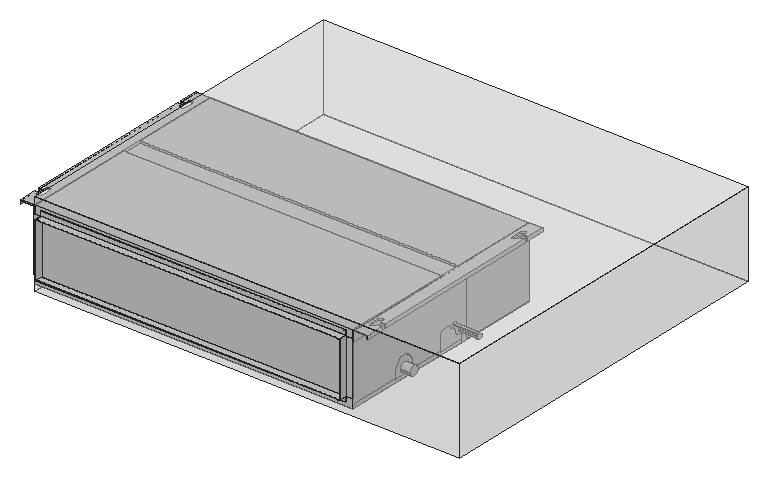
Revit family "outputfile", category 機械設備, Revit 2024
Family settings
  丸型コネクタ寸法 = 半径を使用
  パーツ タイプ = 標準
  OmniClass 番号 = 23.75.10.24.21.27.27
  OmniClass タイトル = Split System Air Conditioning Units
  作業面ベース = いいえ
  常に垂直 = はい
  ロード時にボイドで切り取り = いいえ
  注釈の向きを維持 = いいえ
  共有 = いいえ
  部屋計算ポイント = はい
Parameters (values of type "FDLF40DV1")
  Description = ""
  書き出し IFC クラス(タイプ) = "IfcUnitaryEquipmentType"
  定義済み IFC タイプ(タイプ) = "AIRCONDITIONINGUNIT"
  Cost = 0
  Type Comments = ""
  Keynote = ""
  Type Image = (empty or 0)
  Assembly Code = ""
  switch_frequency = yes
  ld_powersupply = Depth / 2  # 310 mm
  connector_voltage = Voltage_50Hz  # 230 V
  connector_powerinput = [Power Input (Cooling)]  # 0.000 kW
  connector_phase = Phase_50Hz  # 1
  angle_liquidpipe [instance] = if(Right Connection_refrigerant, 90.00°, 270.00°)  # 90.00°
  angle_gaspipe [instance] = if(Right Connection_refrigerant, 90.00°, 270.00°)  # 90.00°
  angle_drainpipe [instance] = if(Right Connection_refrigerant, 90.00°, 270.00°)  # 90.00°
  URL = ""
  Right Connection_refrigerant [instance] = yes
  製造元 = "Daikin"
  モデル = "FDLF40DV1"
  r_Liquid Pipe Size = Liquid Pipe Size / 2  # 3.2 mm
  r_Gas Pipe Size = Gas Pipe Size / 2  # 6.35 mm
  r_Drain Pipe Size = Drain Pipe Size / 2  # 12.5 mm
  lw_powersupply = 50 mm  # constant formula
  lw_ductflange2 = 803 mm
  lw_Width = 860 mm
  lh_suctionflange [instance] = 100 mm  # constant formula
  ld_suctionflange [instance] = if(Rear Connection_Return Air, 190.25 mm, 100.25 mm)  # 190.25 mm
  angle_vertical_RA [instance] = if(Rear Connection_Return Air, 90.00°, 0.00°)  # 90.00°
  angle horizontal_RA [instance] = if(Rear Connection_Return Air, 180.00°, 270.00°)  # 180.00°
  Voltage_comment_50Hz = "220 - 240"
  Voltage_50Hz = 230 V
  Supply Air Direction [instance] = yes
  Sound Power Level_H speed (dB) = 0
  Rear Connection_Return Air [instance] = not(Bottom Connection_Return Air)  # yes
  RA_length [instance] = if(Rear Connection_Return Air, 190.25 mm, 100 mm)  # 190.25 mm
  Phase_50Hz = 1
  Minimum External Static Pressure = 15.00 Pa
  Minimum Circuit Amps_50Hz = 0.0 A
  Maximum Fuse Amps_50Hz = 0.0 A
  Maximum External Static Pressure = 38.00 Pa
  Material_Casing = DAIKIN_GalvanizedSteel_Casing_indoorunit
  lw_liquidpipe = 521 mm
  lw_gaspipe = 508 mm
  lw_mountinghole = 940 mm
  lw_drainpipe = 480 mm
  lh_powersupply = 150 mm  # constant formula
  lh_liquidpipe = 138 mm  # constant formula
  lh_gaspipe = 160 mm  # constant formula
  lh_mountinghole = Height  # 200 mm
  lh_drainpipe = 170 mm  # constant formula
  lh_antena = 1 mm  # constant formula
  ld_liquidpipe = 353 mm  # constant formula
  ld_gaspipe = 375 mm  # constant formula
  ld_mountinghole = 500 mm  # constant formula
  ld_drainpipe = 178 mm  # constant formula
  ld_controlbox = 626 mm  # constant formula
  h*** = 0 mm  # constant formula
  d_dischargeflange = 21.2 mm  # constant formula
  Width = 900 mm
  Version = "ver.1.0"
  Unit Type = "L.S.P. Duct for Living Room"
  Unit Mass Weight = 28.00 kg
  Unit Designation [instance] = ""
  Uniclass2015Version = "Products v1.30"
  Uniclass2015Title = "Split coil room air conditioning units"
  Uniclass2015Code = "Pr_70_65_03_86"
  Total Cooling Capacity [instance] = 0.000 kW
  Sound Pressure Level_M speed (dBA) = 33
  Sound Pressure Level_L speed (dBA) = 30
  Sound Pressure Level_H speed (dBA) = 37
  Series = "SkyAir_Fan Coil Unit"
  Sensible Cooling Capacity [instance] = 0.000 kW
  SA Duct Size Width = 860 mm
  SA Duct Size Height = 153 mm
  Refrigerant Type = "R32"
  RA Duct Size Width = 761 mm
  RA Duct Size Height = 160 mm
  Power Input (Cooling) = 0.000 kW
  Option Accessory 3 [instance] = ""
  Option Accessory 2 [instance] = ""
  Option Accessory 1 [instance] = ""
  Nominal Cooling Capacity = 4.000 kW
  Minimum Airflow = 720.00 m³/h
  Median Airflow = 840.00 m³/h
  Maximum Airflow = 960.00 m³/h
  Load Classification = HVAC
  Liquid Pipe Size = 6.4 mm
  Link_Nested Family [instance] = ""
  Left Connection_refrigerant [instance] = not(Right Connection_refrigerant)  # no
  IfcVersion = ""
  IfcExportType = "AIRCONDITIONINGUNIT"
  IfcExportAs = "IfcUnitaryEquipmentType"
  Height = 200 mm
  Heat Exchanger Type = "Cross Fin Coil"
  Gas Pipe Size = 12.7 mm
  Frequency_50Hz = 50 Hz
  Fan Type = "Sirocco Fan"
  Fan Drive = "Direct Drive"
  FCU Tag No. [instance] = ""
  Drain Pipe Size = 25.0 mm
  Design Supply Airflow [instance] = 0.00 m³/h
  Design Return Airflow [instance] = 0.00 m³/h
  Design External Static Pressure [instance] = 0.00 Pa
  Depth = 620 mm
  既定の高さ = 0 mm
  Cooling Entering Wet Bulb Temperature [instance] = 0.00 °C
  Cooling Entering Dry Bulb Temperature [instance] = 0.00 °C
  Cooling Ambient Wet Bulb Temperature [instance] = 0.00 °C
  Cooling Ambient Dry Bulb Temperature [instance] = 0.00 °C
  Clearance visibility [instance] = yes
  Clearance Top = 20 mm
  Clearance Right = 300 mm
  Clearance Rear = 400 mm
  Clearance Left = 0 mm
  Clearance Front = 0 mm
  Clearance Bottom = 20 mm
  Bottom Connection_Return Air [instance] = no
Reference planes
  plane 1 "Center (Front/Back)": y = 0
  plane 2: z = 0
  plane 3 "Center (Left/Right)": x = 0
  plane 4 "Back": y = 310
  plane 5 "Front": y = -310
  plane 6 "Left": x = -450
  plane 7 "Right": x = 450
  plane 8 "Top": z = 0
  plane 9 "Bottom": z = -200
  plane 10: x = -470
  plane 11: x = 470
  plane 12: y = 250
  plane 13: z = 0
  plane 14 "Clearance Left": x = -450
  plane 15 "Clearance Right": x = 750
  plane 16 "Clearance Rear": y = 710
  plane 17 "Clearance Front": y = -310
  plane 18 "Clearance Top": z = 20
  plane 19 "Clearance Bottom": z = -220
  plane 20: y = -250
  plane 21: z = -21
  plane 22: z = -97.5
  plane 23: x = -48.5
  plane 24: y = 119.75
  plane 25: z = -100
  plane 26: y = 65
  plane 27: z = -160
  plane 28: y = 43
  plane 29: z = -138
  plane 30: y = -132
  plane 31: z = -170
  plane 32: x = 508
  plane 33: x = 521
  plane 34: x = 480
  plane 35: x = 400
  plane 36: z = -150
  plane 37: x = -480
  plane 38: x = -521
  plane 39: x = -508
Forms (mm)
  Extrusion 1, solid, material "DAIKIN_GalvanizedSteel_Casing_indoorunit" <- "Material_Casing"
    sketch origin (0, 0, 0) x (1, 0, 0) y (0, 1, 0)
      loop
        line (-450, -310) -> (450, -310) -> (450, 310) -> (-450, 310) -> (-450, -310)
    from -200 to 0
  Extrusion 2, void
    sketch origin (0, 0, 1) x (1, 0, 0) y (0, 1, 0)
      loop
        line (-450, 61.5) -> (-450, 3.5) -> (450, 3.5) -> (450, 61.5) -> (-450, 61.5)
    from -1 to -7
  Extrusion 3, solid, material "DAIKIN_GalvanizedSteel_Casing_indoorunit" <- "Material_Casing", visible <- "Bottom Connection_Return Air"
    sketch origin (0, 0, 0) x (1, 0, 0) y (0, 0, 1)
      loop
        line (352, -199.25) -> (352, -0.75) -> (-449, -0.75) -> (-449, -199.25) -> (352, -199.25)
    from -310 to -309
  Extrusion 4, solid, material "DAIKIN_GalvanizedSteel_Casing_indoorunit" <- "Material_Casing", visible <- "Rear Connection_Return Air"
    sketch origin (0, 0, 0) x (1, 0, 0) y (0, 1, 0)
      loop
        line (-449, 309) -> (-449, 110.5) -> (352, 110.5) -> (352, 309) -> (-449, 309)
    from -200 to -199
  Extrusion 5, solid, material "DAIKIN_GalvanizedSteel_Casing_indoorunit" <- "Material_Casing", visible <- "Right Connection_refrigerant"
    sketch origin (450, 0, 0) x (0, 1, 0) y (0, 0, 1)
      loop
        circle (65, -160) r 6.35
    from 0 to 58
  Extrusion 6, solid, material "DAIKIN_GalvanizedSteel_Casing_indoorunit" <- "Material_Casing", visible <- "Right Connection_refrigerant"
    sketch origin (450, 0, 0) x (0, 1, 0) y (0, 0, 1)
      loop
        circle (43, -138) r 3.2
    from 0 to 71
  Extrusion 7, solid, material "DAIKIN_GalvanizedSteel_Casing_indoorunit" <- "Material_Casing", visible <- "Right Connection_refrigerant"
    sketch origin (450, 0, 0) x (0, 1, 0) y (0, 0, 1)
      loop
        line (-310, -200) -> (70, -200) -> (70, -190) -> (-310, -190) -> (-310, -200)
    from 0 to -1
  Extrusion 8, solid, material "DAIKIN_GalvanizedSteel_Casing_indoorunit" <- "Material_Casing", visible <- "Right Connection_refrigerant"
    sketch origin (450, 0, 0) x (0, 1, 0) y (0, 0, 1)
      loop
        arc (96, -27.5) -> (93.879, -28.379) -> (93, -30.5) r 3
        line (93, -30.5) -> (93, -194.5)
        arc (93, -194.5) -> (93.879, -196.621) -> (96, -197.5) r 3
        line (96, -197.5) -> (310, -197.5) -> (310, -27.5) -> (96, -27.5)
    from 0 to -1
  Extrusion 9, solid, material "DAIKIN_GalvanizedSteel_Casing_indoorunit" <- "Material_Casing", visible <- "Right Connection_refrigerant"
    sketch origin (450, 0, 0) x (0, 1, 0) y (0, 0, 1)
      loop
        arc (-104, -170) -> (-132, -142) -> (-160, -170) r 28
        line (-160, -170) -> (-160, -190) -> (-104, -190) -> (-104, -170)
    from 0 to -1
  Extrusion 10, solid, material "DAIKIN_GalvanizedSteel_Casing_indoorunit" <- "Material_Casing", visible <- "Right Connection_refrigerant"
    sketch origin (450, 0, 0) x (0, 1, 0) y (0, 0, 1)
      loop
        line (70, -190) -> (70, -174.671)
        arc (70, -174.671) -> (54.678, -171.563) -> (49.857, -156.691) r 15.5
        line (49.857, -156.691) -> (43.472, -150.991)
        arc (43.472, -150.991) -> (34.343, -147.698) -> (30.039, -139) r 13
        line (30.039, -139) -> (2, -139)
        arc (2, -139) -> (-0.121, -139.879) -> (-1, -142) r 3
        line (-1, -142) -> (-1, -190) -> (70, -190)
    from 0 to -1
  Extrusion 11, solid, material "DAIKIN_GalvanizedSteel_Casing_indoorunit" <- "Material_Casing", visible <- "Left Connection_refrigerant"
    sketch origin (-450, 0, 0) x (0, 1, 0) y (0, 0, 1)
      loop
        line (-310, -200) -> (70, -200) -> (70, -190) -> (-310, -190) -> (-310, -200)
    from 0 to -1
  Extrusion 12, solid, material "DAIKIN_GalvanizedSteel_Casing_indoorunit" <- "Material_Casing", visible <- "Left Connection_refrigerant"
    sketch origin (-450, 0, 0) x (0, 1, 0) y (0, 0, 1)
      loop
        arc (96, -27.5) -> (93.879, -28.379) -> (93, -30.5) r 3
        line (93, -30.5) -> (93, -194.5)
        arc (93, -194.5) -> (93.879, -196.621) -> (96, -197.5) r 3
        line (96, -197.5) -> (310, -197.5) -> (310, -27.5) -> (96, -27.5)
    from 0 to -1
  Extrusion 13, solid, material "DAIKIN_GalvanizedSteel_Casing_indoorunit" <- "Material_Casing", visible <- "Left Connection_refrigerant"
    sketch origin (-450, 0, 0) x (0, 1, 0) y (0, 0, 1)
      loop
        arc (-104, -170) -> (-132, -142) -> (-160, -170) r 28
        line (-160, -170) -> (-160, -190) -> (-104, -190) -> (-104, -170)
    from 0 to -1
  Extrusion 14, solid, material "DAIKIN_GalvanizedSteel_Casing_indoorunit" <- "Material_Casing", visible <- "Left Connection_refrigerant"
    sketch origin (-450, 0, 0) x (0, 1, 0) y (0, 0, 1)
      loop
        line (70, -190) -> (70, -174.671)
        arc (70, -174.671) -> (54.678, -171.563) -> (49.857, -156.691) r 15.5
        line (49.857, -156.691) -> (43.472, -150.991)
        arc (43.472, -150.991) -> (34.343, -147.698) -> (30.039, -139) r 13
        line (30.039, -139) -> (2, -139)
        arc (2, -139) -> (-0.121, -139.879) -> (-1, -142) r 3
        line (-1, -142) -> (-1, -190) -> (70, -190)
    from 0 to -1
  Extrusion 15, solid, material "DAIKIN_GalvanizedSteel_Casing_indoorunit" <- "Material_Casing", visible <- "Left Connection_refrigerant"
    sketch origin (-450, 0, 0) x (0, 1, 0) y (0, 0, 1)
      loop
        circle (43, -138) r 3.2
    from -71 to 0
  Extrusion 16, solid, material "DAIKIN_GalvanizedSteel_Casing_indoorunit" <- "Material_Casing", visible <- "Left Connection_refrigerant"
    sketch origin (-450, 0, 0) x (0, 1, 0) y (0, 0, 1)
      loop
        circle (65, -160) r 6.35
    from -58 to 0
  Extrusion 17, solid, material "DAIKIN_GalvanizedSteel_Casing_indoorunit" <- "Material_Casing", visible <- "Left Connection_refrigerant"
    sketch origin (-450, 0, 0) x (0, 1, 0) y (0, 0, 1)
      loop
        circle (-132, -170) r 12.5
    from -30 to 0
  Extrusion 18, solid, material "DAIKIN_GalvanizedSteel_Casing_indoorunit" <- "Material_Casing", visible <- "Right Connection_refrigerant"
    sketch origin (450, 0, 0) x (0, 1, 0) y (0, 0, 1)
      loop
        circle (-132, -170) r 12.5
    from 0 to 30
Cuts and joins
  Extrusion 2 cuts Extrusion 1
Dimensions and locks
  "Height": plane 8 "Top" to plane 9 "Bottom"
  equal spacing: plane 10, plane 3 "Center (Left/Right)", plane 11
  "lw_mountinghole": plane 10 to plane 11
  equal spacing: plane 6 "Left", plane 3 "Center (Left/Right)", plane 7 "Right"
  "Width": plane 6 "Left" to plane 7 "Right"
  "Clearance Right": plane 7 "Right" to plane 15 "Clearance Right"
  "Clearance Left": plane 14 "Clearance Left" to plane 6 "Left"
  "Clearance Rear": plane 16 "Clearance Rear" to plane 4 "Back"
  "Clearance Front": plane 5 "Front" to plane 17 "Clearance Front"
  "Clearance Top": plane 18 "Clearance Top" to plane 8 "Top"
  "Clearance Bottom": plane 9 "Bottom" to plane 19 "Clearance Bottom"
  "Depth": plane 4 "Back" to plane 5 "Front"
  equal spacing: plane 4 "Back", plane 1 "Center (Front/Back)", plane 5 "Front"
  Extrusion 3 sketch curve to Extrusion 3 sketch curve = 198.5 mm
  locked: plane 20 to plane 5 "Front" at 60
  "ld_mountinghole": plane 12 to plane 20
  locked: plane 8 "Top" to plane 21 at 21
  locked: plane 23 to plane 3 "Center (Left/Right)" at 48.5
  "ld_suctionflange": plane 4 "Back" to plane 24
  "lh_suctionflange": plane 8 "Top" to plane 25
  "ld_gaspipe": plane 26 to plane 5 "Front"
  "lh_gaspipe": plane 8 "Top" to plane 27
  "ld_liquidpipe": plane 28 to plane 5 "Front"
  "lh_liquidpipe": plane 8 "Top" to plane 29
  "ld_drainpipe": plane 30 to plane 5 "Front"
  "lh_drainpipe": plane 8 "Top" to plane 31
  "lw_powersupply": plane 35 to plane 7 "Right"
  "lh_powersupply": plane 8 "Top" to plane 36
  "lw_gaspipe": plane 3 "Center (Left/Right)" to plane 32
  "lw_liquidpipe": plane 3 "Center (Left/Right)" to plane 33
  "lw_drainpipe": plane 3 "Center (Left/Right)" to plane 34
  "lw_liquidpipe": plane 38 to plane 3 "Center (Left/Right)"
  "lw_gaspipe": plane 39 to plane 3 "Center (Left/Right)"
  "lw_drainpipe": plane 37 to plane 3 "Center (Left/Right)"
  "r_Gas Pipe Size": radius of Extrusion 5 sketch curve
  "r_Liquid Pipe Size": radius of Extrusion 6 sketch curve
  "r_Liquid Pipe Size": radius of Extrusion 15 sketch curve
  "r_Gas Pipe Size": radius of Extrusion 16 sketch curve
  "r_Drain Pipe Size": radius of Extrusion 17 sketch curve
  "r_Drain Pipe Size": radius of Extrusion 18 sketch curve
  aligned and locked: level to plane 2
  aligned and locked: Extrusion 1 to plane 9 "Bottom"
  aligned and locked: plane 8 "Top" to Extrusion 1
  aligned and locked: plane 11 to nested 2
  aligned and locked: plane 10 to nested 3
  aligned and locked: plane 10 to nested 4
  aligned and locked: plane 8 "Top" to Extrusion 2
  aligned and locked: plane 9 "Bottom" to Extrusion 4  (x2)
  aligned and locked: plane 7 "Right" to cut or joined group of Extrusion 1, Extrusion 2  (x2)
  aligned and locked: plane 3 "Center (Left/Right)" to nested 9
  aligned and locked: plane 6 "Left" to nested 7
  aligned and locked: plane 8 "Top" to nested 9
  aligned and locked: plane 11 to nested 1
  aligned and locked: nested 6 to plane 1 "Center (Front/Back)"
  aligned and locked: plane 3 "Center (Left/Right)" to nested 6
  aligned and locked: level to plane 8 "Top"
  aligned and locked: plane 1 "Center (Front/Back)" to nested 9
  aligned and locked: plane 5 "Front" to nested 10
  aligned and locked: Extrusion 1 sketch curve to plane 5 "Front"
  aligned and locked: plane 21 to nested 10
  aligned and locked: nested 5 to plane 5 "Front"
  aligned and locked: plane 3 "Center (Left/Right)" to nested 5
  aligned and locked: plane 22 to nested 5
  aligned and locked: Extrusion 2 sketch curve to plane 6 "Left"
  aligned and locked: plane 7 "Right" to Extrusion 2 sketch curve
  aligned and locked: nested 11 to plane 23
  aligned and locked: nested 11 to plane 24
  aligned and locked: plane 27 to Extrusion 5 sketch curve
  aligned and locked: plane 26 to Extrusion 5 sketch curve
  aligned and locked: plane 28 to Extrusion 6 sketch curve
  aligned and locked: plane 29 to Extrusion 6 sketch curve
  aligned and locked: plane 32 to Extrusion 5
  aligned and locked: plane 33 to Extrusion 6
  aligned and locked: Extrusion 7 sketch curve to plane 9 "Bottom"
  aligned and locked: Extrusion 7 sketch curve to plane 5 "Front"
  aligned and locked: plane 14 "Clearance Left" to nested 12
  aligned and locked: plane 15 "Clearance Right" to nested 12
  aligned and locked: plane 16 "Clearance Rear" to nested 12
  aligned and locked: nested 12 to plane 17 "Clearance Front"
  aligned and locked: nested 12 to plane 18 "Clearance Top"
  aligned and locked: nested 12 to plane 19 "Clearance Bottom"
  aligned and locked: nested 13 to plane 35
  aligned and locked: nested 13 to plane 36
  aligned and locked: plane 4 "Back" to nested 13
  aligned and locked: nested 14 to plane 26
  aligned and locked: plane 3 "Center (Left/Right)" to nested 14
  aligned and locked: nested 14 to plane 27
  aligned and locked: nested 15 to plane 28
  aligned and locked: plane 3 "Center (Left/Right)" to nested 15
  aligned and locked: nested 15 to plane 29
  aligned and locked: nested 16 to plane 30
  aligned and locked: plane 3 "Center (Left/Right)" to nested 16
  aligned and locked: nested 16 to plane 31
  aligned and locked: plane 29 to Extrusion 15 sketch curve
  aligned and locked: plane 28 to Extrusion 15 sketch curve
  aligned and locked: Extrusion 15 to plane 38
  aligned and locked: plane 6 "Left" to Extrusion 15
  aligned and locked: plane 26 to Extrusion 16 sketch curve
  aligned and locked: plane 27 to Extrusion 16 sketch curve
  aligned and locked: Extrusion 16 to plane 39
  aligned and locked: plane 6 "Left" to Extrusion 16
  aligned and locked: plane 30 to Extrusion 17 sketch curve
  aligned and locked: Extrusion 17 to plane 37
  aligned and locked: plane 6 "Left" to Extrusion 17
  aligned and locked: Extrusion 5 to plane 7 "Right"
  aligned and locked: Extrusion 6 to plane 7 "Right"
  aligned and locked: plane 30 to Extrusion 18 sketch curve
  aligned and locked: plane 31 to Extrusion 18 sketch curve
  aligned and locked: plane 34 to Extrusion 18
  aligned and locked: Extrusion 18 to plane 7 "Right"
Automatic sketch dimensions
  Extrusion 1 sketch curve to plane 4 "Back" = 0 mm
  Extrusion 1 sketch curve to plane 6 "Left" = 0 mm
  Extrusion 1 sketch curve to plane 7 "Right" = 0 mm
  Extrusion 2 sketch curve to plane 1 "Center (Front/Back)" = 3.5 mm
  Extrusion 2 sketch curve to plane 26 = 3.5 mm
  plane 9 "Bottom" to Extrusion 3 sketch curve = 0.75 mm
  plane 6 "Left" to Extrusion 3 sketch curve = 1 mm
  Extrusion 3 sketch curve to plane 35 = 48 mm
  Extrusion 4 sketch curve to plane 4 "Back" = 1 mm
  plane 6 "Left" to Extrusion 4 sketch curve = 1 mm
  Extrusion 4 sketch curve to plane 35 = 48 mm
  Extrusion 4 sketch curve to plane 24 = 9.25 mm
  plane 26 to Extrusion 7 sketch curve = 5 mm
  Extrusion 7 sketch curve to Extrusion 7 sketch curve = 10 mm
  Extrusion 8 sketch curve to plane 21 = 9.5 mm
  Extrusion 8 sketch curve to plane 24 = 23.75 mm  (x2)
  plane 9 "Bottom" to Extrusion 8 sketch curve = 5.5 mm
  Extrusion 8 sketch curve to Extrusion 8 sketch curve = 3 mm
  Extrusion 9 sketch curve to plane 31 = 0 mm
  Extrusion 9 sketch curve to plane 30 = 0 mm
  plane 9 "Bottom" to Extrusion 9 sketch curve = 10 mm
  Extrusion 9 sketch curve to plane 30 = 28 mm
  Extrusion 10 sketch curve to plane 28 = 0 mm
  Extrusion 10 sketch curve to plane 26 = 0 mm
  Extrusion 10 sketch curve to plane 27 = 0 mm
  Extrusion 10 sketch curve to plane 29 = 0 mm
  Extrusion 10 sketch curve to plane 29 = 1 mm
  Extrusion 10 sketch curve to plane 28 = 12.961 mm
  Extrusion 10 sketch curve to plane 1 "Center (Front/Back)" = 2 mm
  plane 1 "Center (Front/Back)" to Extrusion 10 sketch curve = 1 mm
  plane 28 to Extrusion 10 sketch curve = 0.472 mm
  plane 27 to Extrusion 10 sketch curve = 3.309 mm
  plane 28 to Extrusion 10 sketch curve = 6.857 mm
  plane 26 to Extrusion 10 sketch curve = 5 mm
  plane 9 "Bottom" to Extrusion 10 sketch curve = 10 mm
  Extrusion 8 sketch curve to plane 4 "Back" = 0 mm
  Extrusion 17 sketch curve to plane 31 = 0 mm
  Extrusion 12 sketch curve to plane 4 "Back" = 0 mm
  plane 9 "Bottom" to Extrusion 12 sketch curve = 5.5 mm
  Extrusion 12 sketch curve to plane 24 = 23.75 mm  (x2)
  Extrusion 12 sketch curve to plane 21 = 6.5 mm
  Extrusion 12 sketch curve to Extrusion 12 sketch curve = 3 mm
  Extrusion 14 sketch curve to plane 28 = 0 mm
  Extrusion 14 sketch curve to plane 26 = 0 mm
  Extrusion 14 sketch curve to plane 27 = 0 mm
  Extrusion 14 sketch curve to plane 29 = 0 mm
  Extrusion 14 sketch curve to plane 29 = 1 mm
  Extrusion 14 sketch curve to plane 28 = 12.961 mm
  Extrusion 14 sketch curve to plane 1 "Center (Front/Back)" = 2 mm
  plane 1 "Center (Front/Back)" to Extrusion 14 sketch curve = 1 mm
  plane 28 to Extrusion 14 sketch curve = 0.472 mm
  plane 27 to Extrusion 14 sketch curve = 3.309 mm
  plane 28 to Extrusion 14 sketch curve = 6.857 mm
  plane 26 to Extrusion 14 sketch curve = 5 mm
  plane 9 "Bottom" to Extrusion 14 sketch curve = 10 mm
  Extrusion 11 sketch curve to plane 5 "Front" = 0 mm
  Extrusion 11 sketch curve to plane 9 "Bottom" = 0 mm
  plane 26 to Extrusion 11 sketch curve = 5 mm
  Extrusion 11 sketch curve to Extrusion 11 sketch curve = 10 mm
  Extrusion 13 sketch curve to plane 31 = 0 mm
  Extrusion 13 sketch curve to plane 30 = 0 mm
  plane 9 "Bottom" to Extrusion 13 sketch curve = 10 mm
  Extrusion 13 sketch curve to plane 30 = 28 mm
Nested families
  nested 1: "daikin_mountinghole" at (470, 250, -200), l_antenna <- "lh_antena", Link_Nested Family <- "Link_Nested Family", h_mountinghole <- "lh_mountinghole", type "daikin_mountinghole"
    with show yes, l_antenna 1 mm, h_mountinghole 200 mm, Link_Nested Family ""
  nested 2: "daikin_mountinghole" at (470, -250, -200), Link_Nested Family <- "Link_Nested Family", l_antenna <- "lh_antena", h_mountinghole <- "lh_mountinghole", type "daikin_mountinghole"
    with show yes, l_antenna 1 mm, h_mountinghole 200 mm, Link_Nested Family ""
  nested 3: "daikin_mountinghole" at (-470, -250, -200), l_antenna <- "lh_antena", Link_Nested Family <- "Link_Nested Family", h_mountinghole <- "lh_mountinghole", type "daikin_mountinghole"
    with show yes, l_antenna 1 mm, h_mountinghole 200 mm, Link_Nested Family ""
  nested 4: "daikin_mountinghole" at (-470, 250, -200), l_antenna <- "lh_antena", Link_Nested Family <- "Link_Nested Family", h_mountinghole <- "lh_mountinghole", type "daikin_mountinghole"
    with show yes, l_antenna 1 mm, h_mountinghole 200 mm, Link_Nested Family ""
  nested 5: "daikin_connector_rotate2" at (0, -310, -97.5), length <- "d_dischargeflange", type "daikin_connector_rotate2"
    with radius 10 mm, length 21.2 mm, angle_vertical 90.00°, show_face no
  nested 6: "daikin_△_symbolicline" at (-75, -129.904, 200) x (-0.5, 0.866, 0) z (0, 0, 1), built-in parameter 1001364 <- "Height", visible <- "Supply Air Direction", type "daikin_△_symbolicline"
    with length 300 mm
  nested 7: "daikin_ductflange_FDLF-DV1_1" at (-48.5, 310, -100), visible <- "Rear Connection_Return Air", material <- "Material_Casing", width <- "lw_ductflange2", type "daikin_ductflange_FDLF-DV1_1"
    with width 803 mm, material DAIKIN_GalvanizedSteel_Casing_indoorunit, height 180 mm, depth 21.2 mm
  nested 8: "daikin_ductflange_FDLF-DV1_1" at (-48.5, 209.75, -200) x (1, 0, 0) z (0, 1, 0), visible <- "Bottom Connection_Return Air", material <- "Material_Casing", width <- "lw_ductflange2", type "daikin_ductflange_FDLF-DV1_1"
    with width 803 mm, material DAIKIN_GalvanizedSteel_Casing_indoorunit, height 180 mm, depth 21.2 mm
  nested 9: "daikin_hangerfixture_FDLF-DV1" at (0, 0, 0), type "daikin_hangerfixture_FDLF-DV1"
  nested 10: "daikin_ductflange_FDLF-DV1" at (0, 3.5, -364.201), width <- "lw_Width", material <- "Material_Casing", type "daikin_ductflange_FDLF-DV1"
    with width 860 mm, material DAIKIN_GalvanizedSteel_Casing_indoorunit, height 155 mm, depth 21.2 mm
  nested 11: "daikin_connector_rotate3" at (-48.5, 119.75, -100), length <- "RA_length", angle_vertical <- "angle_vertical_RA", angle_horizontal <- "angle horizontal_RA", type "daikin_connector_rotate3"
    with show no, radius 10 mm, length 190.25 mm, angle_vertical 90.00°, angle_horizontal 180.00°
  nested 12: "daikin_clearancespace" at (150, 200, -99.881), visible <- "Clearance visibility", Link_Nested Family <- "Link_Nested Family", show <- "Clearance visibility", type "daikin_clearancespace"
    with width 1200 mm, show yes, height 240 mm, depth 1020 mm, Link_Nested Family ""
  nested 13: "daikin_connector_rotate2" at (400, 0, -150) x (-1, 0, 0) z (0, 0, 1), length <- "ld_powersupply", type "daikin_connector_rotate2"
    with radius 10 mm, length 310 mm, angle_vertical 90.00°, show_face no
  nested 14: "daikin_connector_rotate3" at (0, 65, -160), angle_vertical <- "angle_gaspipe", radius <- "r_Gas Pipe Size", length <- "lw_gaspipe", type "daikin_connector_rotate3"
    with show no, radius 6.35 mm, length 508 mm, angle_vertical 90.00°, angle_horizontal 90.00°
  nested 15: "daikin_connector_rotate3" at (0, 43, -138), angle_vertical <- "angle_liquidpipe", length <- "lw_liquidpipe", radius <- "r_Liquid Pipe Size", type "daikin_connector_rotate3"
    with show no, radius 3.2 mm, length 521 mm, angle_vertical 90.00°, angle_horizontal 90.00°
  nested 16: "daikin_connector_rotate3" at (0, -132, -170), angle_vertical <- "angle_drainpipe", length <- "lw_drainpipe", radius <- "r_Drain Pipe Size", type "daikin_connector_rotate3"
    with show no, radius 12.5 mm, length 480 mm, angle_vertical 90.00°, angle_horizontal 90.00°
Connectors
  hvac at (0, -331.2, -97.5), driven by "SA Duct Size Height", driven by "SA Duct Size Width"
    settings: on nested 5, index 1, duct flow 0.00 m³/h, flow factor 0, pres drop 0.00 Pa, loss coef 0, conn angle 0.00°, conn width 860.0 mm, conn height 153.0 mm, conn diameter 609.6 mm, duct sys type 1, conn prof type 1, flow config 0, flow direction 2, loss method 4, conn ref index -1, conn util no, is conn primary yes, conn desc "SA Duct"
  hvac at (-48.5, 310, -100), driven by "RA Duct Size Height", driven by "RA Duct Size Width"
    settings: on nested 11, index 2, duct flow 0.00 m³/h, flow factor 0, pres drop 0.00 Pa, loss coef 0, conn angle 0.00°, conn width 761.0 mm, conn height 160.0 mm, conn diameter 609.6 mm, duct sys type 2, conn prof type 1, flow config 0, flow direction 1, loss method 4, conn ref index -1, conn util no, is conn primary no, conn desc "RA Duct"
  electrical at (400, 310, -150), driven by "Load Classification", driven by "connector_phase", driven by "connector_powerinput", driven by "connector_voltage"
    settings: on nested 13, index 6, voltage 230 V, apparent load 0 VA, apparent load phase1 0 VA, apparent load phase2 0 VA, apparent load phase3 0 VA, power factor 1, load classification "HVAC", number of poles 1, system type 30, power factor state 1, is connector primary yes, connector utility no, sub classification motor no, connector description "Power Supply"
  piping at (508, 65, -160), diameter 12.7, driven by "r_Gas Pipe Size"
    settings: on nested 14, index 7, connector inside diameter 609.6 mm, connector length 0 mm, flow factor 0, pipe flow 0.00 m³/h, pressure drop 0.0 Pa, fitting loss kfactor 0, connector angle 0.00°, fixture units 0, engagement length 0 mm, angle of deflection 0.00°, flow configuration 1, flow direction 2, fitting loss method 0, system type 29, joint type 0, gender type 0, connector reference index -1, connector utility 0, adjustable connector no, is connector primary yes, connector description "Refrigerant Gas Piping"
  piping at (521, 43, -138), diameter 6.4, driven by "r_Liquid Pipe Size"
    settings: on nested 15, index 8, connector inside diameter 609.6 mm, connector length 0 mm, flow factor 0, pipe flow 0.00 m³/h, pressure drop 0.0 Pa, fitting loss kfactor 0, connector angle 0.00°, fixture units 0, engagement length 0 mm, angle of deflection 0.00°, flow configuration 1, flow direction 1, fitting loss method 0, system type 29, joint type 0, gender type 0, connector reference index -1, connector utility 0, adjustable connector no, is connector primary no, connector description "Refrigerant Liquid Piping"
  piping at (480, -132, -170), diameter 25, driven by "r_Drain Pipe Size"
    settings: on nested 16, index 9, connector inside diameter 609.6 mm, connector length 0 mm, flow factor 0, pipe flow 0.00 m³/h, pressure drop 0.0 Pa, fitting loss kfactor 0, connector angle 0.00°, fixture units 0, engagement length 0 mm, angle of deflection 0.00°, flow configuration 1, flow direction 2, fitting loss method 4, system type 16, joint type 0, gender type 0, connector reference index -1, connector utility 0, adjustable connector no, is connector primary no, connector description "Condensate Drain Piping"
Definition of nested family "daikin_ductflange_FDLF-DV1_1"
  Parameters (values of type "daikin_ductflange_FDLF-DV1_1")
    width [instance] = 620 mm
    material [instance] = none
    height [instance] = 180 mm
    depth [instance] = 21.2 mm
    Default Elevation = 0 mm
  Reference planes
    plane 1 "Center (Front/Back)": y = 0
    plane 2: z = 0
    plane 3 "Center (Left/Right)": x = 0
    plane 4: x = -310
    plane 5: x = 310
    plane 6: z = 90
    plane 7: z = -90
    plane 8: z = 100.25
    plane 9: z = -100.25
    plane 10: x = -309
    plane 11: x = 309
  Forms (mm)
    Extrusion 1, solid, material <- "material"
      sketch origin (0, 0, 0) x (1, 0, 0) y (0, 0, 1)
        loop
          line (-300.5, 90) -> (-300.5, -90) -> (300.5, -90) -> (300.5, 90) -> (-300.5, 90)
        loop
          line (-309, -99.25) -> (309, -99.25) -> (309, 99.25) -> (-309, 99.25) -> (-309, -99.25)
      from 0 to 1
  Dimensions and locks
    equal spacing: plane 5, plane 3 "Center (Left/Right)", plane 4, locked at 310 each
    "width": plane 5 to plane 4
    equal spacing: plane 6, level, plane 7, locked at 90 each
    "height": plane 6 to plane 7
    equal spacing: plane 8, level, plane 9
    plane 10 to plane 4 = 1 mm
    locked: plane 5 to plane 11 at 1
    locked: Extrusion 1 sketch curve to Extrusion 1 sketch curve at 8.5  (x2)
    plane 8 to Extrusion 1 sketch curve = 1 mm
    locked: Extrusion 1 sketch curve to plane 9 at 1
    locked: plane 8 to plane 9 at 200.5
    aligned and locked: level to plane 2
    aligned and locked: Extrusion 1 sketch curve to plane 6
    aligned and locked: plane 7 to Extrusion 1 sketch curve
  Automatic sketch dimensions
    plane 4 to Extrusion 1 sketch curve = 1 mm
    Extrusion 1 sketch curve to plane 5 = 1 mm
Definition of nested family "daikin_hangerfixture_FDLF-DV1"
  Parameters (values of type "daikin_hangerfixture_FDLF-DV1")
    width = 900 mm
    material = none
    height = 30 mm
    depth = 620 mm
    Default Elevation = 0 mm
  Reference planes
    plane 1 "Center (Front/Back)": y = 0
    plane 2: z = 0
    plane 3 "Center (Left/Right)": x = 0
    plane 4: x = 450
    plane 5: y = 310
    plane 6: y = -310
    plane 7: x = -450
    plane 8: z = -30
  Forms (mm)
    Extrusion 1, solid, material <- "material"
      sketch origin (0, 0, 0) x (1, 0, 0) y (0, 0, 1)
        loop
          line (450, 0) -> (450, -30) -> (452.3, -30) -> (452.3, -2.3) -> (487.7, -2.3) -> (487.7, -10) -> (490, -10) -> (490, 0) -> (450, 0)
      from -310 to 310
    Extrusion 2, void
      sketch origin (0, 0, 0) x (0, 1, 0) y (0, 0, 1)
        loop
          line (310, -30) -> (310, -17.979) -> (87.935, -17.979) -> (75.914, -30) -> (310, -30)
      from -786.78 to 600.701
    Extrusion 3, void
      sketch origin (0, 0, 0) x (1, 0, 0) y (0, 1, 0)
        loop
          line (490, -244.5) -> (477, -244.5) -> (477, -238)
          arc (477, -238) -> (470, -231) -> (463, -238) r 7
          line (463, -238) -> (463, -264)
          arc (463, -264) -> (470, -271) -> (477, -264) r 7
          line (477, -264) -> (477, -257.5) -> (490, -257.5) -> (490, -244.5)
        loop
          line (490, 244.5) -> (490, 257.5) -> (477, 257.5) -> (477, 264)
          arc (477, 264) -> (470, 271) -> (463, 264) r 7
          line (463, 264) -> (463, 238)
          arc (463, 238) -> (470, 231) -> (477, 238) r 7
          line (477, 238) -> (477, 244.5) -> (490, 244.5)
      from -254.96 to 618
    Extrusion 4, solid, material <- "material"
      sketch origin (0, 0, 0) x (-1, 0, 0) y (0, 0, -1)
        loop
          line (450, 0) -> (490, 0) -> (490, 10) -> (487.7, 10) -> (487.7, 2.3) -> (452.3, 2.3) -> (452.3, 30) -> (450, 30) -> (450, 0)
      from -310 to 310
    Extrusion 5, void
      sketch origin (0, 0, 0) x (-1, 0, 0) y (0, -1, 0)
        loop
          line (490, 244.5) -> (490, 257.5) -> (477, 257.5) -> (477, 264)
          arc (477, 264) -> (470, 271) -> (463, 264) r 7
          line (463, 264) -> (463, 238)
          arc (463, 238) -> (470, 231) -> (477, 238) r 7
          line (477, 238) -> (477, 244.5) -> (490, 244.5)
        loop
          line (490, -244.5) -> (477, -244.5) -> (477, -238)
          arc (477, -238) -> (470, -231) -> (463, -238) r 7
          line (463, -238) -> (463, -264)
          arc (463, -264) -> (470, -271) -> (477, -264) r 7
          line (477, -264) -> (477, -257.5) -> (490, -257.5) -> (490, -244.5)
      from -254.96 to 618
  Cuts and joins
    Extrusion 2, Extrusion 3, Extrusion 5 cuts Extrusion 1
    Extrusion 2, Extrusion 5 cuts Extrusion 4
  Dimensions and locks
    equal spacing: plane 5, plane 1 "Center (Front/Back)", plane 6
    "depth": plane 5 to plane 6
    plane 6 to plane 1 "Center (Front/Back)" to plane 5 = 310 mm, 310 mm
    equal spacing: plane 4, plane 3 "Center (Left/Right)", plane 7
    "width": plane 4 to plane 7
    "height": level to plane 8
    aligned and locked: level to plane 2
    aligned and locked: plane 5 to Extrusion 1
    aligned and locked: Extrusion 1 to plane 6
    aligned and locked: Extrusion 1 to plane 4
    aligned and locked: plane 5 to cut or joined group of Extrusion 1, Extrusion 2, Extrusion 3, Extrusion 5
    aligned and locked: cut or joined group of Extrusion 1, Extrusion 2, Extrusion 3, Extrusion 5 to plane 6
    aligned and locked: level to cut or joined group of Extrusion 1, Extrusion 2, Extrusion 3, Extrusion 5
    aligned and locked: cut or joined group of Extrusion 1, Extrusion 2, Extrusion 3, Extrusion 5 to plane 8
    aligned and locked: plane 5 to cut or joined group of Extrusion 2, Extrusion 4, Extrusion 5
    aligned and locked: cut or joined group of Extrusion 2, Extrusion 4, Extrusion 5 to plane 6
  Automatic sketch dimensions
    Extrusion 1 sketch curve to plane 4 = 0 mm
    Extrusion 1 sketch curve to plane 8 = 0 mm
    Extrusion 1 sketch curve to level = 0 mm
    plane 4 to Extrusion 1 sketch curve = 2.3 mm
    Extrusion 1 sketch curve to level = 2.3 mm
    Extrusion 1 sketch curve to Extrusion 1 sketch curve = 35.4 mm
    Extrusion 1 sketch curve to Extrusion 1 sketch curve = 2.3 mm
    Extrusion 1 sketch curve to Extrusion 1 sketch curve = 7.7 mm
    Extrusion 2 sketch curve to plane 8 = 0 mm
    Extrusion 2 sketch curve to plane 5 = 0 mm
    plane 8 to Extrusion 2 sketch curve = 12.021 mm
    Extrusion 2 sketch curve to plane 1 "Center (Front/Back)" = 87.935 mm
    Extrusion 2 sketch curve to Extrusion 2 sketch curve = 12.021 mm
    plane 4 to Extrusion 3 sketch curve = 13 mm  (x2)
    Extrusion 3 sketch curve to Extrusion 3 sketch curve = 7 mm  (x4)
    Extrusion 3 sketch curve to Extrusion 3 sketch curve = 13 mm  (x4)
    plane 6 to Extrusion 3 sketch curve = 46 mm
    Extrusion 3 sketch curve to Extrusion 3 sketch curve = 6.5 mm  (x4)
    Extrusion 3 sketch curve to plane 5 = 72 mm
    Extrusion 4 sketch curve to plane 7 = 0 mm
    Extrusion 4 sketch curve to plane 8 = 0 mm
    Extrusion 4 sketch curve to level = 0 mm
    Extrusion 4 sketch curve to plane 7 = 2.3 mm
    Extrusion 4 sketch curve to level = 2.3 mm
    Extrusion 4 sketch curve to Extrusion 4 sketch curve = 35.4 mm
    Extrusion 4 sketch curve to Extrusion 4 sketch curve = 2.3 mm
    Extrusion 4 sketch curve to Extrusion 4 sketch curve = 7.7 mm
    Extrusion 5 sketch curve to plane 7 = 13 mm  (x2)
    Extrusion 5 sketch curve to Extrusion 5 sketch curve = 7 mm  (x4)
    Extrusion 5 sketch curve to Extrusion 5 sketch curve = 13 mm  (x4)
    Extrusion 5 sketch curve to plane 5 = 46 mm
    Extrusion 5 sketch curve to Extrusion 5 sketch curve = 6.5 mm  (x4)
    plane 6 to Extrusion 5 sketch curve = 72 mm
Definition of nested family "daikin_ductflange_FDLF-DV1"
  Parameters (values of type "daikin_ductflange_FXDQ-NDVET")
    width [instance] = 660 mm
    material [instance] = none
    height [instance] = 155 mm
    depth [instance] = 21.2 mm
    Default Elevation = 0 mm
  Reference planes
    plane 1 "Center (Front/Back)": y = 0
    plane 2: z = 189.201
    plane 3 "Center (Left/Right)": x = 0
    plane 4: y = -313.5
    plane 5: x = -330
    plane 6: x = 330
    plane 7: y = -334.7
    plane 8: z = 344.201
    plane 9: z = 266.701
    plane 10: z = 343.201
    plane 11: z = 190.201
  Forms (mm)
    Extrusion 1, solid, material <- "material"
      sketch origin (0, 0, 189.201) x (1, 0, 0) y (0, 1, 0)
        loop
          line (-330, -334.7) -> (-330, -313.5) -> (-350, -313.5) -> (-350, -314.5) -> (-331, -314.5) -> (-331, -334.7) -> (-330, -334.7)
        loop
          line (330, -334.7) -> (331, -334.7) -> (331, -314.5) -> (350, -314.5) -> (350, -313.5) -> (330, -313.5) -> (330, -334.7)
      from 1 to 154
    Extrusion 2, solid, material <- "material"
      sketch origin (0, 0, 0) x (0, 1, 0) y (0, 0, 1)
        loop
          line (-313.5, 343.201) -> (-313.5, 358.201) -> (-314.5, 358.201) -> (-314.5, 344.201) -> (-334.7, 344.201) -> (-334.7, 343.201) -> (-313.5, 343.201)
        loop
          line (-313.5, 190.201) -> (-334.7, 190.201) -> (-334.7, 189.201) -> (-314.5, 189.201) -> (-314.5, 175.201) -> (-313.5, 175.201) -> (-313.5, 190.201)
      from -330 to 330
  Dimensions and locks
    plane 4 to plane 1 "Center (Front/Back)" = 313.5 mm
    "depth": plane 7 to plane 4
    equal spacing: plane 8, plane 9, level
    "height": plane 8 to level
    equal spacing: plane 6, plane 3 "Center (Left/Right)", plane 5
    "width": plane 6 to plane 5
    locked: plane 8 to plane 10 at 1
    locked: plane 11 to level at 1
    locked: Extrusion 1 to Extrusion 2 sketch curve at 1
    locked: Extrusion 2 sketch curve to Extrusion 1 at 1
    plane 10 to plane 11 = 153 mm
    aligned and locked: level to plane 2
    aligned and locked: Extrusion 2 to plane 5
    aligned and locked: Extrusion 2 to plane 11
    aligned and locked: Extrusion 2 to plane 10
    aligned and locked: plane 6 to Extrusion 2
    aligned and locked: plane 5 to Extrusion 2  (x2)
    aligned and locked: plane 5 to Extrusion 1  (x2)
    aligned and locked: Extrusion 1 to plane 6
    aligned and locked: plane 6 to Extrusion 1
    aligned and locked: Extrusion 1 to plane 10
  Automatic sketch dimensions
    Extrusion 2 sketch curve to plane 7 = 0 mm  (x2)
    Extrusion 2 sketch curve to plane 4 = 0 mm  (x2)
    Extrusion 2 sketch curve to plane 11 = 0 mm
    Extrusion 2 sketch curve to plane 10 = 0 mm
    Extrusion 2 sketch curve to plane 4 = 1 mm  (x2)
    Extrusion 2 sketch curve to level = 14 mm
    plane 8 to Extrusion 2 sketch curve = 14 mm
    Extrusion 1 sketch curve to plane 4 = 0 mm  (x2)
    Extrusion 1 sketch curve to plane 7 = 0 mm  (x2)
    Extrusion 1 sketch curve to plane 5 = 0 mm
    Extrusion 1 sketch curve to plane 6 = 0 mm
    Extrusion 1 sketch curve to plane 5 = 1 mm
    Extrusion 1 sketch curve to Extrusion 1 sketch curve = 19 mm  (x2)
    Extrusion 1 sketch curve to Extrusion 1 sketch curve = 1 mm
    Extrusion 1 sketch curve to plane 4 = 1 mm  (x2)
Definition of nested family "daikin_clearancespace"
  Parameters (values of type "daikin_clearancespace")
    Description = "daikin_clearancespace"
    width [instance] = 1823.963 mm
    show [instance] = yes
    material = none
    height [instance] = 1359.762 mm
    depth [instance] = 880 mm
    Default Elevation = 0 mm
    Link_Nested Family [instance] = ""
  Reference planes
    plane 1 "Center (Front/Back)": y = 0
    plane 2 "Center (Elevation)": z = -0.119
    plane 3 "Center (Left/Right)": x = 0
    plane 4: y = 440
    plane 5: y = -440
    plane 6 "Right": x = 911.982
    plane 7 "Left": x = -911.982
    plane 8 "Top": z = 679.762
    plane 9 "Bottom": z = -680
  Forms (mm)
    Extrusion 1, solid, material <- "material", visible <- "show"
      sketch origin (0, 0, 0) x (1, 0, 0) y (0, 1, 0)
        loop
          line (-911.982, 440) -> (-911.982, -440) -> (911.982, -440) -> (911.982, 440) -> (-911.982, 440)
      from -680 to 679.762
  Lines and regions (mm)
    symbolic lines, visible <- "show"
      curve 1: line (911.982, 440, 0) -> (-911.982, 440, 0)
      curve 2: line (-911.982, 440, 0) -> (-911.982, -440, 0)
      curve 3: line (-911.982, -440, 0) -> (911.982, -440, 0)
      curve 4: line (911.982, -440, 0) -> (911.982, 440, 0)
      curve 5: line (911.982, 0, 679.762) -> (-911.982, 0, 679.762)
      curve 6: line (911.982, 0, -680) -> (911.982, 0, 679.762)
      curve 7: line (-911.982, 0, -680) -> (911.982, 0, -680)
      curve 8: line (-911.982, 0, 679.762) -> (-911.982, 0, -680)
      curve 9: line (0, 440, 679.762) -> (0, -440, 679.762)
      curve 10: line (0, -440, 679.762) -> (0, -440, -680)
      curve 11: line (0, 440, -680) -> (0, 440, 679.762)
      curve 12: line (0, -440, -680) -> (0, 440, -680)
  Dimensions and locks
    "width": plane 7 "Left" to plane 6 "Right"
    "depth": plane 4 to plane 5
    "height": plane 8 "Top" to plane 9 "Bottom"
    equal spacing: plane 7 "Left", plane 3 "Center (Left/Right)", plane 6 "Right"
    equal spacing: plane 4, plane 1 "Center (Front/Back)", plane 5
    equal spacing: plane 8 "Top", plane 2 "Center (Elevation)", plane 9 "Bottom"
    aligned and locked: level to plane 2 "Center (Elevation)"
    aligned and locked: Extrusion 1 sketch curve to plane 4
    aligned and locked: plane 7 "Left" to Extrusion 1 sketch curve
    aligned and locked: Extrusion 1 sketch curve to plane 5
    aligned and locked: Extrusion 1 sketch curve to plane 6 "Right"
    aligned and locked: plane 8 "Top" to Extrusion 1
    aligned and locked: curve 1 to Extrusion 1
    aligned and locked: curve 2 to Extrusion 1
    aligned and locked: curve 3 to Extrusion 1
    aligned and locked: curve 4 to Extrusion 1
    aligned and locked: curve 5 to Extrusion 1
    aligned and locked: curve 6 to Extrusion 1
    aligned and locked: curve 7 to Extrusion 1
    aligned and locked: curve 8 to Extrusion 1
    aligned and locked: curve 9 to Extrusion 1
    aligned and locked: curve 10 to Extrusion 1
    aligned and locked: curve 11 to Extrusion 1
    aligned and locked: curve 12 to Extrusion 1
    aligned and locked: Extrusion 1 to plane 9 "Bottom"
Definition of nested family "daikin_mountinghole"
  Parameters (values of type "daikin_mountinghole")
    Default Elevation = 1219.2 mm
    Type Comments = "mountinghole"
    show [instance] = yes
    material = none
    l_centerline = 100 mm
    l_antenna [instance] = 100 mm
    h_mountinghole [instance] = 0 mm
    d_circle = 30 mm
    Link_Nested Family [instance] = ""
  Reference planes
    plane 1 "Center (Front/Back)": y = 0
    plane 2: z = 0
    plane 3 "Center (Left/Right)": x = 0
    plane 4: y = 50
    plane 5: x = -50
    plane 6: x = 50
    plane 7: y = -50
    plane 8 "h_mountinghole": z = 0
    plane 9: z = 100
  Lines and regions (mm)
    model lines, detail levels fine
      curve 1: circle (0, 0, 0) r 15 normal (0, 0, 1)
      curve 2: line (-50, 0, 0) -> (50, 0, 0)
      curve 3: line (0, 50, 0) -> (0, -50, 0)
    symbolic lines, detail levels fine
      curve 4: circle (0, 0, 0) r 15 normal (0, 0, 1)
      curve 5: line (-50, 0, 0) -> (50, 0, 0)
      curve 6: line (0, 50, 0) -> (0, -50, 0)
    model lines
      curve 7: line (0, 0, 100) -> (0, 0, 0)
  Dimensions and locks
    equal spacing: plane 4, plane 1 "Center (Front/Back)", plane 7
    "l_centerline": plane 4 to plane 7
    equal spacing: plane 5, plane 3 "Center (Left/Right)", plane 6
    "l_centerline": plane 5 to plane 6
    "l_antenna": plane 9 to plane 8 "h_mountinghole"
    "h_mountinghole": plane 8 "h_mountinghole" to plane 2
    "d_circle": diameter of curve 1
    "d_circle": diameter of curve 4
    aligned and locked: level to plane 2
    aligned and locked: plane 1 "Center (Front/Back)" to curve 1
    aligned and locked: plane 3 "Center (Left/Right)" to curve 1
    aligned and locked: plane 1 "Center (Front/Back)" to curve 2
    aligned and locked: curve 3 to plane 3 "Center (Left/Right)"
    aligned and locked: plane 6 to curve 2
    aligned and locked: plane 5 to curve 2
    aligned and locked: plane 4 to curve 3
    aligned and locked: plane 7 to curve 3
    aligned and locked: plane 1 "Center (Front/Back)" to curve 4
    aligned and locked: plane 3 "Center (Left/Right)" to curve 4
    aligned and locked: plane 6 to curve 5
    aligned and locked: plane 5 to curve 5
    aligned and locked: plane 1 "Center (Front/Back)" to curve 5
    aligned and locked: plane 4 to curve 6
    aligned and locked: plane 7 to curve 6
    aligned and locked: curve 6 to plane 3 "Center (Left/Right)"
    aligned and locked: curve 7 to plane 3 "Center (Left/Right)"
    aligned and locked: plane 9 to curve 7
    aligned and locked: plane 8 "h_mountinghole" to curve 7
Definition of nested family "daikin_connector_rotate2"
  Parameters (values of type "daikin_connector_rotate2")
    show_face = yes
    radius [instance] = 10 mm
    length [instance] = 600 mm
    d_surface = 10 mm
    angle_vertical [instance] = 90.00°
    Default Elevation = 0 mm
  Reference planes
    plane 1 "Center (Front/Back)": y = 0
    plane 2: z = 0
    plane 3 "Center (Left/Right)": x = 0
  Forms (mm)
    Extrusion 1, solid, visible <- "show_face"
      sketch origin (0, -600, 0) x (1, 0, 0) y (0, 0, 1)
        loop
          circle (0, 0) r 10
      from 0 to -10
  Lines and regions (mm)
    reference lines
      curve 1: line (0, 0, 0) -> (0, -600, 0)
    symbolic lines
      curve 2: circle (0, 0, 0) r 5 normal (0, 0, 1)
    model lines, visible <- "show_face"
      curve 3: line (0, 0, 0) -> (0, -600, 0)
  Dimensions and locks
    "length": curve 1 to curve 1
    "length": curve 3 to curve 3
    "d_surface": Extrusion 1 to Extrusion 1
    "radius": radius of Extrusion 1 sketch curve
    "angle_vertical": angle curve 1 to plane 1 "Center (Front/Back)"
    "angle_vertical": angle curve 3 to plane 1 "Center (Front/Back)"
    aligned and locked: level to plane 2
    aligned and locked: plane 1 "Center (Front/Back)" to curve 1
    aligned and locked: plane 2 to curve 1
    aligned and locked: plane 1 "Center (Front/Back)" to curve 2
    aligned and locked: plane 3 "Center (Left/Right)" to curve 2
    aligned and locked: plane 1 "Center (Front/Back)" to curve 3
    aligned and locked: plane 2 to curve 3
    aligned and locked: Extrusion 1 to Extrusion 1
  Automatic sketch dimensions
    Extrusion 1 sketch curve to level = 0 mm
    Extrusion 1 sketch curve to plane 3 "Center (Left/Right)" = 0 mm
    radius of curve 2 = 5 mm
Definition of nested family "daikin_△_symbolicline"
  Parameters (values of type "daikin_△_symbolicline")
    length [instance] = 500 mm
    Default Elevation = 0 mm
  Reference planes
    plane 1 "Center (Front/Back)": y = 0
    plane 2: z = 0
    plane 3 "Center (Left/Right)": x = 0
  Lines and regions (mm)
    symbolic lines
      curve 1: line (0, -433.013, 0) -> (250, 0, 0)
      curve 2: line (250, 0, 0) -> (-250, 0, 0)
      curve 3: line (-250, 0, 0) -> (0, -433.013, 0)
  Dimensions and locks
    equal spacing: curve 3, plane 3 "Center (Left/Right)", curve 2
    "length": curve 3 to curve 2
    "length": curve 3 to curve 3
    "length": curve 1 to curve 1
    aligned and locked: level to plane 2
    aligned and locked: curve 2 to plane 1 "Center (Front/Back)"
    aligned and locked: plane 3 "Center (Left/Right)" to curve 3
Definition of nested family "daikin_connector_rotate3"
  Parameters (values of type "daikin_connector_rotate3")
    Default Elevation = 1219.2 mm
    show [instance] = yes
    radius [instance] = 10 mm
    length [instance] = 600 mm
    angle_horizontal [instance] = 60.00°
    angle_vertical [instance] = 90.00°
  Reference planes
    plane 1 "Center (Front/Back)": y = 0
    plane 2: z = 0
    plane 3 "Center (Left/Right)": x = 0
  Dimensions and locks
    "angle_horizontal": angle plane 3 "Center (Left/Right)" to nested 1
    aligned and locked: level to plane 2
    aligned and locked: plane 1 "Center (Front/Back)" to nested 1  (x2)
    aligned and locked: plane 3 "Center (Left/Right)" to nested 1
  Nested families
    nested 1: "daikin_connector_rotate2" at (0, 0, 0) x (0.5, 0.866, 0) z (0, 0, 1), angle_vertical <- "angle_vertical", length <- "length", radius <- "radius", type "daikin_connector_rotate2"
      with radius 10 mm, length 600 mm, angle_vertical 90.00°
  Definition of nested family "daikin_connector_rotate2"
    Parameters (values of type "daikin_connector_rotate2")
      show_face = yes
      radius [instance] = 10 mm
      length [instance] = 600 mm
      d_surface = 10 mm
      angle_vertical [instance] = 90.00°
      Default Elevation = 0 mm
    Reference planes
      plane 1 "Center (Front/Back)": y = 0
      plane 2: z = 0
      plane 3 "Center (Left/Right)": x = 0
    Forms (mm)
      Extrusion 1, solid, visible <- "show_face"
        sketch origin (0, -600, 0) x (1, 0, 0) y (0, 0, 1)
          loop
            circle (0, 0) r 10
        from 0 to -10
    Lines and regions (mm)
      reference lines
        curve 1: line (0, 0, 0) -> (0, -600, 0)
      symbolic lines
        curve 2: circle (0, 0, 0) r 5 normal (0, 0, 1)
      model lines, visible <- "show_face"
        curve 3: line (0, 0, 0) -> (0, -600, 0)
    Dimensions and locks
      "length": curve 1 to curve 1
      "length": curve 3 to curve 3
      "d_surface": Extrusion 1 to Extrusion 1
      "radius": radius of Extrusion 1 sketch curve
      "angle_vertical": angle curve 1 to plane 1 "Center (Front/Back)"
      "angle_vertical": angle curve 3 to plane 1 "Center (Front/Back)"
      aligned and locked: level to plane 2
      aligned and locked: plane 1 "Center (Front/Back)" to curve 1
      aligned and locked: plane 2 to curve 1
      aligned and locked: plane 1 "Center (Front/Back)" to curve 2
      aligned and locked: plane 3 "Center (Left/Right)" to curve 2
      aligned and locked: plane 1 "Center (Front/Back)" to curve 3
      aligned and locked: plane 2 to curve 3
      aligned and locked: Extrusion 1 to Extrusion 1
    Automatic sketch dimensions
      Extrusion 1 sketch curve to level = 0 mm
      Extrusion 1 sketch curve to plane 3 "Center (Left/Right)" = 0 mm
      radius of curve 2 = 5 mm
